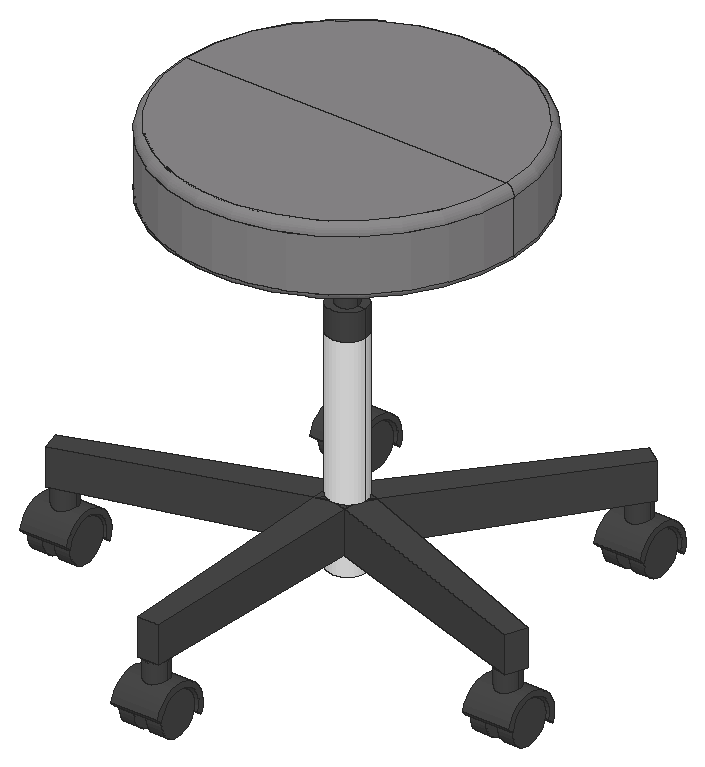
Revit family
Parameters (values of type "Value Series Stool")
  Upholstery = Upholstery - Midmark - 232 - Shadow
  URL = "http://www.midmark.com"
  Product Page URL = "http://www.midmark.com/en-us/AnimalHealthProducts/Seating/Pages/Midmark270AdjustableStool.aspx"
  Product Documentation Link = "http://www.midmark.com/marketing-collateral/007-0558-00.pdf"
  Model = "270"
  Manufacturer = "Midmark"
  Lift Height = Calculated Height - 0' 2"  # 1' - 4"
  Height = 1' - 6"
  Description = "Vale Series Stool"
  Calculated Height = if(Height < 1' 6", 1' 6", if(Height > 2' 0 1/2", 2' 0 1/2", Height))  # 1' - 6"
  Assembly Code = "E2020"
Reference planes (in)
  plane 1 "Center Front/Back": y = 0
  plane 2: z = 0
  plane 3 "Center Left/Right": x = 0
  plane 4: z = 18
  plane 5: z = 5.25
  plane 6: z = 2
  plane 7: x = -12.11968
  plane 8: x = 11.86968
  plane 9: y = 10.87905
  plane 10: y = -12.83061
  plane 11: x = -12.86968
  plane 12: x = 12.61968
  plane 13: y = -13.58061
  plane 14: y = 11.62905
  plane 15: z = 21.5
Forms (in)
  Extrusion 1, solid, material "Chair - Midmark Coarse View", detail levels coarse
    sketch origin (0, 0, 0) x (1, 0, 0) y (0, 1, 0)
      loop
        line (-12.86968, 11.62905) -> (-12.86968, -13.58061) -> (12.61968, -13.58061) -> (12.61968, 11.62905) -> (-12.86968, 11.62905)
    from 0 to 21.5
Lines and regions (in)
  Masking region 1, detail levels coarse
    outline origin (0, 0, 0) x (1, 0, 0) y (0, 1, 0)
      loop
        line (-12.86968, 11.62905) -> (-12.86968, -13.58061) -> (12.61968, -13.58061) -> (12.61968, 11.62905) -> (-12.86968, 11.62905)
  Masking region 2, detail levels coarse
    outline origin (0, 0, 0) x (1, 0, 0) y (0, 0, 1)
      loop
        line (-12.86968, 21.5) -> (-12.86968, 0) -> (12.61968, 0) -> (12.61968, 21.5) -> (-12.86968, 21.5)
  Masking region 3, detail levels coarse
    outline origin (0, 0, 0) x (0, 1, 0) y (0, 0, 1)
      loop
        line (11.62905, 21.5) -> (-13.58061, 21.5) -> (-13.58061, 0) -> (11.62905, 0) -> (11.62905, 21.5)
Dimensions and locks (in)
  "Calculated Height": plane 4 to plane 2
  locked: plane 5 to plane 2 at 5.25
  locked: plane 6 to plane 2 at 2
  plane 14 to plane 9 to plane 1 "Center Front/Back" to plane 10 to plane 13 = 0' - 0 3/4" locked, 0' - 10.87905" locked, 1' - 0.83061" locked, 0' - 0 3/4" locked
  plane 11 to plane 7 = 0' - 0 3/4"
  locked: plane 15 to plane 4 at 3.5
  plane 3 "Center Left/Right" to plane 8 to Extrusion 1 = 0' - 11.86968" locked, 0' - 0 3/4" locked
  Extrusion 1 to plane 7 to plane 3 "Center Left/Right" = 0' - 0 3/4" locked, 1' - 0.11968" locked
  plane 11 to plane 3 "Center Left/Right" to plane 12 = 1' - 0.86968" locked, 1' - 0.61968" locked
  plane 13 to plane 14 = 2' - 1.20966"
  aligned and locked: level to plane 2
  aligned and locked: plane 3 "Center Left/Right" to nested 2
  aligned and locked: plane 3 "Center Left/Right" to nested 1
  aligned and locked: plane 2 to nested 2
  aligned: plane 4 to nested 1
  aligned and locked: plane 1 "Center Front/Back" to nested 2
  aligned and locked: plane 1 "Center Front/Back" to nested 1
  aligned: plane 5 to nested 1
  aligned: nested 1 to plane 6
  aligned and locked: nested 3 to plane 4
  aligned and locked: plane 3 "Center Left/Right" to nested 3
  aligned and locked: plane 1 "Center Front/Back" to nested 3
  aligned and locked: nested 1 to plane 6
  aligned: plane 4 to nested 4
  aligned and locked: plane 3 "Center Left/Right" to nested 4
  aligned and locked: Extrusion 1 to plane 15
  aligned and locked: plane 13 to Extrusion 1 sketch curve
  aligned and locked: Extrusion 1 sketch curve to plane 11
  aligned and locked: plane 14 to Extrusion 1 sketch curve
  aligned and locked: plane 12 to Extrusion 1
  aligned and locked: plane 15 to Extrusion 1
  aligned and locked: Extrusion 1 to plane 2
  aligned and locked: plane 13 to Masking region 1 sketch curve
  aligned and locked: Masking region 1 sketch curve to plane 11
  aligned and locked: plane 14 to Masking region 1 sketch curve
  aligned and locked: Masking region 1 sketch curve to plane 12
  aligned and locked: Masking region 2 sketch curve to plane 11
  aligned and locked: Masking region 2 sketch curve to plane 12
  aligned and locked: Masking region 2 sketch curve to plane 15
  aligned and locked: plane 2 to Masking region 2 sketch curve
  aligned and locked: plane 2 to Masking region 3 sketch curve
  aligned and locked: plane 14 to Masking region 3 sketch curve
  aligned and locked: plane 13 to Masking region 3 sketch curve
  aligned and locked: Masking region 3 sketch curve to plane 15
  aligned and locked: plane 4 to nested 4
  aligned and locked: plane 1 "Center Front/Back" to nested 4
Automatic sketch dimensions
  Extrusion 1 sketch curve to plane 8 = 0' - 0 3/4"
Nested families (in)
  nested 1: "Hydralic Lift Chrome" at (0, 0, 2), type "Hydralic Lift Chrome"
  nested 2: "Feet Black" at (0, 0, 0), type "Feet Black"
  nested 3: "Round Cushion" at (0, 0, 18), type "Round Cushion"
  nested 4: "Air Lift No Lever" at (0, 0, 16.5), type "Air Lift No Lever"
Definition of nested family "Hydralic Lift Chrome"
  Parameters (values of type "Hydralic Lift Chrome")
    Top Lift Material = Chair - Midmark - Chrome
    Height = 1' - 4"
    Bottom Lift Material = Chair - Midmark - Chrome
    Assembly Code = ""
  Reference planes (in)
    plane 1 "Center Front/Back": y = 0
    plane 2: z = 0
    plane 3 "Center Left/Right": x = 0
    plane 4: x = -0.87626
    plane 5: x = 0.87374
    plane 6: z = 16
    plane 7: y = 0.87671
    plane 8: y = -0.87329
    plane 9: z = 0
    plane 10 "Caster Instalation Point": z = 3.25
    plane 11: z = 11.39696
  Forms (in)
    Revolve 1, solid, material "Chair - Midmark - Chrome" <- "Bottom Lift Material"
      sketch origin (-0.00126, 0.00171, -2) x (1, 0, 0) y (0, 0, 1)
        loop
          line (0, 2) -> (0, 12.14696) -> (-0.875, 12.14696) -> (-0.875, 2) -> (0, 2)
        axis (0, 2) -> (0, 12.14696)
      angle from 0 to 360
    Revolve 2, solid, material "Chair - Midmark - Chrome" <- "Top Lift Material"
      sketch origin (-0.00126, 0.00171, -2) x (1, 0, 0) y (0, 0, 1)
        loop
          line (-0.875, 12.14696) -> (0, 12.14696) -> (0, 18) -> (-0.5, 18) -> (-0.5, 13.39696) -> (-0.875, 13.39696) -> (-0.875, 12.14696)
        axis (0, 18) -> (0, 12.14696)
      angle from 0 to 360
  Lines and regions (in)
    Masking region 1, detail levels medium+fine
      outline origin (0, 0, 0) x (1, 0, 0) y (0, 0, 1)
        loop
          line (-0.87626, 0) -> (0.87374, 0) -> (0.87374, 11.39696) -> (0.49874, 11.39696) -> (0.49874, 16) -> (-0.50126, 16) -> (-0.50126, 11.39696) -> (-0.87626, 11.39696) -> (-0.87626, 0)
    Masking region 2, detail levels coarse
      outline origin (0, 0, 0) x (1, 0, 0) y (0, 0, 1)
        loop
          line (0.87374, 16) -> (-0.87626, 16) -> (-0.87626, 0) -> (0.87374, 0) -> (0.87374, 16)
    Masking region 3, detail levels coarse
      outline origin (0, 0, 0) x (0, 1, 0) y (0, 0, 1)
        loop
          line (0.87671, 0) -> (0.87671, 16) -> (-0.87329, 16) -> (-0.87329, 0) -> (0.87671, 0)
    Masking region 4, detail levels medium+fine
      outline origin (0, 0, 0) x (0, 1, 0) y (0, 0, 1)
        loop
          line (0.87671, 0) -> (0.87671, 11.39696) -> (0.50171, 11.39696) -> (0.50171, 16) -> (-0.49829, 16) -> (-0.49829, 11.39696) -> (-0.87329, 11.39696) -> (-0.87329, 0) -> (0.87671, 0)
    Masking region 5, detail levels coarse
      outline origin (0, 0, 0) x (1, 0, 0) y (0, 1, 0)
        loop
          line (0.87374, 0.87671) -> (-0.87626, 0.87671) -> (-0.87626, -0.87329) -> (0.87374, -0.87329) -> (0.87374, 0.87671)
    Masking region 6, detail levels medium+fine
      outline origin (0, 0, 0) x (1, 0, 0) y (0, 1, 0)
        loop
          circle (0, 0) r 0.87625
    symbolic lines, detail levels fine
      curve 1: line (0, 0.87671, 10.14696) -> (0, -0.87329, 10.14696)
      curve 2: line (-0.87626, 0, 10.14696) -> (0.87374, 0, 10.14696)
      curve 3: line (-0.50126, 0, 11.39696) -> (0.49874, 0, 11.39696)
      curve 4: line (0, 0.50171, 11.39696) -> (0, -0.49829, 11.39696)
      curve 5: circle (0, 0, 0) r 0.5 normal (0, 0, 1)
  Dimensions and locks (in)
    "Height": plane 6 to plane 9
    locked: plane 10 "Caster Instalation Point" to plane 9 at 3.25
    locked: plane 11 to plane 10 "Caster Instalation Point" at 8.14696
    aligned and locked: level to plane 2
    aligned and locked: plane 9 to level
    aligned and locked: Revolve 2 to plane 11  (x2)
  Automatic sketch dimensions
    plane 1 "Center Front/Back" to curve 5 = 0' - 0"
    curve 5 to plane 3 "Center Left/Right" = 0' - 0"
    plane 4 to curve 2 = 0' - 0"
    plane 5 to curve 2 = 0' - 0"
    curve 3 to plane 4 = 0' - 0 3/8"
    plane 5 to curve 3 = 0' - 0 3/8"
    plane 10 "Caster Instalation Point" to curve 2 = 0' - 6.89696"
    curve 2 to curve 3 = 0' - 1 1/4"
    curve 1 to plane 8 = 0' - 0"
    curve 1 to plane 7 = 0' - 0"
    plane 8 to curve 4 = 0' - 0 3/8"
    curve 4 to plane 7 = 0' - 0 3/8"
    plane 10 "Caster Instalation Point" to curve 1 = 0' - 6.89696"
    curve 1 to curve 4 = 0' - 1 1/4"
    Revolve 1 sketch curve to level = 0' - 0"  (x2)
    plane 4 to Revolve 1 sketch curve = 0' - 0"
    Revolve 1 sketch curve to plane 3 "Center Left/Right" = 0' - 0.00126"
    Revolve 1 sketch curve to Revolve 1 sketch curve = 0' - 0"
    plane 10 "Caster Instalation Point" to Revolve 1 sketch curve = 0' - 6 3/4"
    Revolve 1 sketch curve to Revolve 1 sketch curve = 0' - 0.14696"
    plane 4 to Revolve 2 sketch curve = 0' - 0"
    Revolve 2 sketch curve to plane 6 = 0' - 0"  (x2)
    Revolve 2 sketch curve to plane 4 = 0' - 0 3/8"
    Revolve 2 sketch curve to plane 3 "Center Left/Right" = 0' - 0.00126"
    Revolve 2 sketch curve to Revolve 2 sketch curve = 0' - 0"
    plane 10 "Caster Instalation Point" to Revolve 2 sketch curve = 0' - 8.14696"
    Revolve 2 sketch curve to Revolve 2 sketch curve = 0' - 1 1/4"
    Revolve 2 sketch curve to Revolve 2 sketch curve = 0' - 0.89696"
    Masking region 1 sketch curve to level = 0' - 0"
    plane 4 to Masking region 1 sketch curve = 0' - 0"
    Masking region 1 sketch curve to plane 6 = 0' - 0"
    plane 5 to Masking region 1 sketch curve = 0' - 0"
    Masking region 1 sketch curve to plane 4 = 0' - 0 3/8"
    plane 5 to Masking region 1 sketch curve = 0' - 0 3/8"
    plane 10 "Caster Instalation Point" to Masking region 1 sketch curve = 0' - 8.14696"
    Masking region 1 sketch curve to Masking region 1 sketch curve = 0' - 0"
    plane 4 to Masking region 2 sketch curve = 0' - 0"
    Masking region 2 sketch curve to level = 0' - 0"
    plane 5 to Masking region 2 sketch curve = 0' - 0"
    Masking region 2 sketch curve to plane 6 = 0' - 0"
    Masking region 3 sketch curve to plane 6 = 0' - 0"
    Masking region 3 sketch curve to plane 8 = 0' - 0"
    Masking region 3 sketch curve to plane 7 = 0' - 0"
    Masking region 3 sketch curve to level = 0' - 0"
    Masking region 4 sketch curve to level = 0' - 0"
    Masking region 4 sketch curve to plane 8 = 0' - 0"
    Masking region 4 sketch curve to plane 6 = 0' - 0"
    Masking region 4 sketch curve to plane 7 = 0' - 0"
    plane 8 to Masking region 4 sketch curve = 0' - 0 3/8"
    Masking region 4 sketch curve to plane 7 = 0' - 0 3/8"
    plane 10 "Caster Instalation Point" to Masking region 4 sketch curve = 0' - 8.14696"
    Masking region 4 sketch curve to Masking region 4 sketch curve = 0' - 0"
    Masking region 5 sketch curve to plane 4 = 0' - 0"
    Masking region 5 sketch curve to plane 5 = 0' - 0"
    Masking region 5 sketch curve to plane 8 = 0' - 0"
    Masking region 5 sketch curve to plane 7 = 0' - 0"
    plane 1 "Center Front/Back" to Masking region 6 sketch curve = 0' - 0"
    Masking region 6 sketch curve to plane 3 "Center Left/Right" = 0' - 0"
    radius of curve 5 = 0' - 0 1/2"
    radius of Masking region 6 sketch curve = 0' - 0.87625"
Definition of nested family "Feet Black"
  Parameters (values of type "Feet Black")
    Feet Material = Chair - Midmark - Black Plastic
    Assembly Code = ""
  Reference planes (in)
    plane 1 "Center Front/Back": y = 0
    plane 2: z = 0
    plane 3 "Center Left/Right": x = 0
    plane 4: z = 3.14669
    plane 5: x = -12.11968
    plane 6: x = 11.86968
    plane 7: z = 5.14669
    plane 8: y = 10.87905
    plane 9: y = -12.83061
    plane 10: z = 0
    plane 11 "Left": x = -12.6741
    plane 12 "Front": y = -13.53243
    plane 13 "Back": y = 11.53243
    plane 14 "Right": x = 12.4241
  Forms (in)
    Blend 1, solid, material "Chair - Midmark - Black Plastic" <- "Feet Material"
      base sketch origin (-0.02, 0.01151, 2.71936) x (0.999996, 0.002747, 0) y (0, 0, 1)
        loop
          line (0.71241, 2.42733) -> (-0.78759, 2.42733) -> (-0.78759, 0.42733) -> (0.71241, 0.42733) -> (0.71241, 2.42733)
      top sketch origin (-0.02, 0.01151, 2.71936) x (0.999996, 0.002747, 0) y (0, 0, 1)
        loop
          line (-0.50634, 0.42733) -> (0.49366, 0.42733) -> (0.49366, 2.17733) -> (-0.50634, 2.17733) -> (-0.50634, 0.42733)
      from 0 to 12
    Blend 2, solid, material "Chair - Midmark - Black Plastic" <- "Feet Material"
      base sketch origin (0.00505, 0.01375, 2.71936) x (0.331216, 0.943555, 0) y (0, 0, 1)
        loop
          line (0.71241, 2.42733) -> (-0.78759, 2.42733) -> (-0.78759, 0.42733) -> (0.71241, 0.42733) -> (0.71241, 2.42733)
      top sketch origin (0.00505, 0.01375, 2.71936) x (0.331216, 0.943555, 0) y (0, 0, 1)
        loop
          line (-0.50634, 0.42733) -> (0.49366, 0.42733) -> (0.49366, 2.17733) -> (-0.50634, 2.17733) -> (-0.50634, 0.42733)
      from 0 to 12
    Blend 3, solid, material "Chair - Midmark - Black Plastic" <- "Feet Material"
      base sketch origin (-0.00087, -0.04805, 2.71936) x (0.286648, -0.958036, 0) y (0, 0, 1)
        loop
          line (0.71241, 2.42733) -> (-0.78759, 2.42733) -> (-0.78759, 0.42733) -> (0.71241, 0.42733) -> (0.71241, 2.42733)
      top sketch origin (-0.00087, -0.04805, 2.71936) x (0.286648, -0.958036, 0) y (0, 0, 1)
        loop
          line (-0.50634, 0.42733) -> (0.49366, 0.42733) -> (0.49366, 2.17733) -> (-0.50634, 2.17733) -> (-0.50634, 0.42733)
      from 0 to 12
    Blend 4, solid, material "Chair - Midmark - Black Plastic" <- "Feet Material"
      base sketch origin (0.03408, -0.0149, 2.71936) x (0.822567, -0.568668, 0) y (0, 0, -1)
        loop
          line (0.71241, -2.42733) -> (0.71241, -0.42733) -> (-0.78759, -0.42733) -> (-0.78759, -2.42733) -> (0.71241, -2.42733)
      top sketch origin (0.03408, -0.0149, 2.71936) x (0.822567, -0.568668, 0) y (0, 0, -1)
        loop
          line (-0.50634, -0.42733) -> (-0.50634, -2.17733) -> (0.49366, -2.17733) -> (0.49366, -0.42733) -> (-0.50634, -0.42733)
      from 0 to 12
    Blend 5, solid, material "Chair - Midmark - Black Plastic" <- "Feet Material"
      base sketch origin (0.02615, 0.03051, 2.71936) x (0.795022, 0.60658, 0) y (0, 0, -1)
        loop
          line (0.71241, -2.42733) -> (0.71241, -0.42733) -> (-0.78759, -0.42733) -> (-0.78759, -2.42733) -> (0.71241, -2.42733)
      top sketch origin (0.02615, 0.03051, 2.71936) x (0.795022, 0.60658, 0) y (0, 0, -1)
        loop
          line (-0.50634, -0.42733) -> (-0.50634, -2.17733) -> (0.49366, -2.17733) -> (0.49366, -0.42733) -> (-0.50634, -0.42733)
      from 0 to 12
  Lines and regions (in)
    Masking region 1, detail levels coarse
      outline origin (0, -13.53243, 0) x (-1, 0, 0) y (0, 0, 1)
        loop
          line (12.11968, 5.14669) -> (-11.86968, 5.14669) -> (-11.86968, 0) -> (12.11968, 0) -> (12.11968, 5.14669)
    Masking region 2, detail levels coarse
      outline origin (-12.6741, 0, 0) x (0, 1, 0) y (0, 0, 1)
        loop
          line (10.87905, 5.14669) -> (-12.83061, 5.14669) -> (-12.83061, 0) -> (10.87905, 0) -> (10.87905, 5.14669)
    Masking region 3, detail levels coarse
      outline origin (0, 0, 0) x (1, 0, 0) y (0, 1, 0)
        loop
          line (-12.11968, 10.87905) -> (-12.11968, -12.83061) -> (11.86968, -12.83061) -> (11.86968, 10.87905) -> (-12.11968, 10.87905)
    Masking region 4, detail levels medium+fine
      outline origin (0, 0, 0) x (1, 0, 0) y (0, 0, 1)
        loop
          line (-11.29362, 0) -> (-11.29362, 0.4641) -> (-10.70638, 0.4641) -> (-10.70638, 0) -> (-9.98951, 0) -> (-9.98951, 0.4641) -> (-9.88032, 0.4641) -> (-9.88032, 2.35385) -> (-10.44, 2.35385) -> (-10.44, 3.14669) -> (-7.55329, 3.14669) -> (-7.55329, 2.35385) -> (-8.11968, 2.35385) -> (-8.11968, 0.4641) -> (-8.01049, 0.4641) -> (-8.01049, 0) -> (-7.29362, 0) -> (-7.29362, 0.4641) -> (-6.70638, 0.4641) -> (-6.70638, 0) -> (-5.98951, 0) -> (-5.98951, 0.4641) -> (-5.88032, 0.4641) -> (-5.88032, 2.35385) -> (-6.44, 2.35385) -> (-6.44, 3.14669) -> (-0.55329, 3.14669) -> (-0.55329, 2.35385) -> (-1.11968, 2.35385) -> (-1.11968, 0.4641) -> (-1.01049, 0.4641) -> (-1.01049, 0) -> (-0.29362, 0) -> (-0.29362, 0.4641) -> (0.29362, 0.4641) -> (0.29362, 0) -> (1.01049, 0) -> (1.01049, 0.4641) -> (1.11968, 0.4641) -> (1.11968, 2.35385) -> (0.56, 2.35385) -> (0.56, 3.14669) -> (5.93762, 3.14669) -> (5.93762, 2.35385) -> (5.38032, 2.35385) -> (5.38032, 0.4641) -> (5.48951, 0.4641) -> (5.48951, 0) -> (6.20638, 0) -> (6.20638, 0.4641) -> (6.79362, 0.4641) -> (6.79362, 0) -> (7.51049, 0) -> (7.51049, 0.4641) -> (7.61968, 0.4641) -> (7.61968, 2.35385) -> (7.06, 2.35385) -> (7.06, 3.14669) -> (10.19671, 3.14669) -> (10.19671, 2.35385) -> (9.63032, 2.35385) -> (9.63032, 0.4641) -> (9.73951, 0.4641) -> (9.73951, 0) -> (10.45638, 0) -> (10.45638, 0.4641) -> (11.04362, 0.4641) -> (11.04362, 0) -> (11.76049, 0) -> (11.76049, 0.4641) -> (11.86968, 0.4641) -> (11.86968, 2.35385) -> (11.31, 2.35385) -> (11.31, 3.14669) -> (11.49121, 3.14669) -> (11.49121, 4.89669) -> (0.68577, 5.13681) -> (-0.76806, 5.13681) -> (-11.64244, 4.89669) -> (-11.64244, 3.14669) -> (-11.55329, 3.14669) -> (-11.55329, 2.35385) -> (-12.11968, 2.35385) -> (-12.11968, 0.4641) -> (-12.01049, 0.4641) -> (-12.01049, 0) -> (-11.29362, 0)
    Masking region 5, detail levels medium+fine
      outline origin (0, 0, 0) x (0, 1, 0) y (0, 0, 1)
        loop
          arc (10.78122, 0.4641) -> (10.77146, 1.50846) -> (10.03266, 2.24667) r 1.37951
          line (10.03266, 2.24667) -> (10.03266, 3.14669) -> (10.14385, 3.14669) -> (10.14839, 4.87753) -> (-0.00333, 5.13888) -> (-12.08812, 4.88709) -> (-12.08812, 2.21814)
          arc (-12.08812, 2.21814) -> (-12.56152, 1.84498) -> (-12.83061, 1.30559) r 1.37951
          line (-12.83061, 1.30559) -> (-12.4904, 0.96538)
          arc (-12.4904, 0.96538) -> (-11.58868, 0.00478) -> (-10.5174, 0.77172) r 1
          line (-10.5174, 0.77172) -> (-10.20978, 0.4641)
          arc (-10.20978, 0.4641) -> (-10.22081, 1.51145) -> (-10.96434, 2.24917) r 1.37951
          line (-10.96434, 2.24917) -> (-10.96434, 3.14669) -> (-4.33492, 3.14669) -> (-4.33492, 2.22392)
          arc (-4.33492, 2.22392) -> (-4.81625, 1.85021) -> (-5.08961, 1.30559) r 1.37951
          line (-5.08961, 1.30559) -> (-4.74804, 0.96402)
          arc (-4.74804, 0.96402) -> (-4.35165, 0.20158) -> (-3.50881, 0.03407) r 0.99276
          arc (-3.50881, 0.03407) -> (-2.73642, 0.14196) -> (-2.2764, 0.77172) r 1
          line (-2.2764, 0.77172) -> (-1.96878, 0.4641)
          arc (-1.96878, 0.4641) -> (-1.97757, 1.50613) -> (-2.71269, 2.24471) r 1.37951
          line (-2.71269, 2.24471) -> (-2.71269, 3.14669) -> (8.6558, 3.14669) -> (8.6558, 2.21954)
          arc (8.6558, 2.21954) -> (8.1805, 1.84624) -> (7.91039, 1.30559) r 1.37951
          line (7.91039, 1.30559) -> (8.25, 1)
          arc (8.25, 1) -> (8.63833, 0.20254) -> (9.50189, 0) r 1.03326
          arc (9.50189, 0) -> (10.04186, 0.15959) -> (10.40777, 0.58755) r 0.99117
          line (10.40777, 0.58755) -> (10.53122, 0.4641)
          arc (10.53122, 0.4641) -> (10.55798, 0.56372) -> (10.58105, 0.66427) r 2.79724
          line (10.58105, 0.66427) -> (10.78122, 0.4641)
    Masking region 6, detail levels medium+fine
      outline origin (0, 0, 0) x (1, 0, 0) y (0, 1, 0)
        loop
          line (1.11968, -12.83061) -> (1.11968, -10.11952) -> (0.56, -10.11952) -> (0.67622, -1.03222) -> (9.63032, -3.94159) -> (9.63032, -5.08961) -> (11.86968, -5.08961) -> (11.88032, -2.38179) -> (9.63032, -2.38179) -> (9.64126, -2.80754) -> (1.13452, 0.35388) -> (6.32371, 8.16039) -> (7.61968, 8.16039) -> (7.61968, 10.86821) -> (5.38032, 10.86821) -> (5.38887, 8.73511) -> (-0.01517, 1.22973) -> (-5.86968, 8.61974) -> (-5.86968, 10.62905) -> (-8.11968, 10.62905) -> (-8.11968, 7.91039) -> (-6.67216, 7.91039) -> (-1.20683, 0.388) -> (-9.88032, -2.43019) -> (-9.88032, -1.87095) -> (-12.11968, -1.87095) -> (-12.11968, -4.58961) -> (-9.88032, -4.58961) -> (-9.88032, -3.54845) -> (-0.78101, -1.00564) -> (-0.54255, -10.11195) -> (-1.11968, -10.11195) -> (-1.11968, -12.83061) -> (1.11968, -12.83061)
    symbolic lines, detail levels fine
      curve 1: line (11.16, 0, 3.14669) -> (11.16, 0, 4.89669)
      curve 2: line (-11.35579, 0, 3.14669) -> (-11.35579, 0, 4.89669)
      curve 3: line (-12.11968, 0, 1.09001) -> (-9.88032, 0, 1.09001)
      curve 4: line (-12.11968, 0, 1.30559) -> (-9.88032, 0, 1.30559)
      curve 5: line (-10.70638, 0, 1.09001) -> (-10.70206, 0, 0.45757)
      curve 6: line (-11.29362, 0, 1.09001) -> (-11.29362, 0, 0.4641)
      curve 7: line (-12.11968, 0, 0.66069) -> (-12.01049, 0, 0.66069)
      curve 8: line (-11.29362, 0, 0.66069) -> (-10.70345, 0, 0.66069)
      curve 9: line (-9.98951, 0, 0.66069) -> (-9.88032, 0, 0.66069)
      curve 10: line (-8.11968, 0, 1.09001) -> (-5.88032, 0, 1.09001)
      curve 11: line (-8.11968, 0, 1.30559) -> (-5.88032, 0, 1.30559)
      curve 12: line (-6.70638, 0, 1.09001) -> (-6.70206, 0, 0.45757)
      curve 13: line (-7.29362, 0, 1.09001) -> (-7.29362, 0, 0.4641)
      curve 14: line (-8.11968, 0, 0.66069) -> (-8.01049, 0, 0.66069)
      curve 15: line (-7.29362, 0, 0.66069) -> (-6.70345, 0, 0.66069)
      curve 16: line (-5.98951, 0, 0.66069) -> (-5.88032, 0, 0.66069)
      curve 17: line (-1.11968, 0, 1.09001) -> (1.11968, 0, 1.09001)
      curve 18: line (-1.11968, 0, 1.30559) -> (1.11968, 0, 1.30559)
      curve 19: line (0.29362, 0, 1.09001) -> (0.29794, 0, 0.45757)
      curve 20: line (-0.29362, 0, 1.09001) -> (-0.29362, 0, 0.4641)
      curve 21: line (-1.11968, 0, 0.66069) -> (-1.01049, 0, 0.66069)
      curve 22: line (-0.29362, 0, 0.66069) -> (0.29655, 0, 0.66069)
      curve 23: line (1.01049, 0, 0.66069) -> (1.11968, 0, 0.66069)
      curve 24: line (5.38032, 0, 1.09001) -> (7.61968, 0, 1.09001)
      curve 25: line (5.38032, 0, 1.30559) -> (7.61968, 0, 1.30559)
      curve 26: line (6.79362, 0, 1.09001) -> (6.79794, 0, 0.45757)
      curve 27: line (6.20638, 0, 1.09001) -> (6.20638, 0, 0.4641)
      curve 28: line (5.38032, 0, 0.66069) -> (5.48951, 0, 0.66069)
      curve 29: line (6.20638, 0, 0.66069) -> (6.79655, 0, 0.66069)
      curve 30: line (7.51049, 0, 0.66069) -> (7.61968, 0, 0.66069)
      curve 31: line (9.63032, 0, 1.09001) -> (11.86968, 0, 1.09001)
      curve 32: line (9.63032, 0, 1.30559) -> (11.86968, 0, 1.30559)
      curve 33: line (11.04362, 0, 1.09001) -> (11.04794, 0, 0.45757)
      curve 34: line (10.45638, 0, 1.09001) -> (10.45638, 0, 0.4641)
      curve 35: line (9.63032, 0, 0.66069) -> (9.73951, 0, 0.66069)
      curve 36: line (10.45638, 0, 0.66069) -> (11.04655, 0, 0.66069)
      curve 37: line (11.76049, 0, 0.66069) -> (11.86968, 0, 0.66069)
      curve 55: line (-0.49337, -11.98984, 0) -> (0.50663, -11.98984, 0)
      curve 56: line (0.50663, -11.98984, 0) -> (0.53568, -10.11316, 0)
      curve 57: line (-0.54251, -10.11347, 0) -> (-0.49337, -11.98984, 0)
      curve 58: line (9.63032, -3.94159, 0) -> (11.16, -4.43861, 0)
      curve 59: line (11.16, -4.43861, 0) -> (11.49121, -3.49506, 0)
      curve 60: line (11.49121, -3.49506, 0) -> (9.61649, -2.79834, 0)
      curve 61: line (5.38032, 8.68314, 0) -> (6.44159, 10.14385, 0)
      curve 62: line (6.44159, 10.14385, 0) -> (7.27439, 9.59027, 0)
      curve 63: line (7.27439, 9.59027, 0) -> (6.32915, 8.16857, 0)
      curve 64: line (-6.67216, 7.91039, 0) -> (-7.65536, 9.26364, 0)
      curve 65: line (-7.65536, 9.26364, 0) -> (-6.87152, 9.88461, 0)
      curve 66: line (-6.87152, 9.88461, 0) -> (-5.89303, 8.64949, 0)
      curve 67: line (-9.88032, -3.54845, 0) -> (-11.31738, -3.97842, 0)
      curve 68: line (-11.31738, -3.97842, 0) -> (-11.62639, -3.02737, 0)
      curve 69: line (-11.62639, -3.02737, 0) -> (-9.88032, -2.46003, 0)
      curve 70: line (0, 9.78318, 2.24646) -> (0, 9.78318, 3.14669)
      curve 71: line (0, 9.78318, 3.14669) -> (0, 9.87022, 3.14669)
      curve 72: line (0, 9.87022, 3.14669) -> (0, 9.87022, 4.89669)
      curve 73: line (0, 9.26364, 3.14669) -> (0, 9.26364, 4.89669)
      curve 74: line (0, -3.00274, 3.14669) -> (0, -3.00274, 4.89669)
      curve 75: line (0, -3.00274, 4.89669) -> (0, 0.48934, 5.13206)
      curve 76: line (0, -3.00274, 4.89669) -> (0, -3.96077, 4.89669)
      curve 77: line (0, -3.96077, 4.89669) -> (0, -0.73852, 5.14608)
      curve 78: line (0, -3.96077, 4.89669) -> (0, -3.96077, 3.14669)
      curve 79: line (0, -10.96434, 2.24917) -> (0, -10.96434, 3.14669)
      curve 80: line (0, -11.98709, 3.14669) -> (0, 10.03266, 3.14669)
      curve 81: arc (0, -11.491, 0) -> (0, -10.78389, 1.70711) -> (0, -12.491, 1) r 1
      curve 82: arc (0, -12.61503, 1.09001) -> (0, -11.27594, 2.0831) -> (0, -10.40637, 0.66069) r 1.12951
      curve 83: arc (0, -12.07696, 2.22344) -> (0, -10.54543, 1.97837) -> (0, -10.20978, 0.4641) r 1.37951
      curve 84: line (0, -4.33492, 3.14669) -> (0, -4.33492, 2.22392)
      curve 85: line (0, -3.83887, 3.14669) -> (0, -3.83887, 2.22207)
      curve 86: line (0, -2.71269, 3.14669) -> (0, -2.71269, 2.24471)
      curve 87: circle (0, -3.25, 1.00671) r 0.99975 normal (1, 0, 0)
      curve 88: line (0, -1.96878, 0.4641) -> (0, -2.16537, 0.66069)
      curve 89: line (0, -4.37403, 1.09001) -> (0, -4.58961, 1.30559)
      curve 90: line (0, -4.87403, 1.09001) -> (0, -5.08961, 1.30559)
      curve 91: arc (0, -5.08961, 1.30559) -> (0, -4.63517, 2.0328) -> (0, -3.83887, 2.35102) r 1.37951
      curve 92: arc (0, -4.87403, 1.09001) -> (0, -4.64461, 1.66541) -> (0, -4.1418, 2.02722) r 1.10602
      curve 93: arc (0, -4.58961, 1.30559) -> (0, -2.82873, 2.28781) -> (0, -1.96878, 0.4641) r 1.37951
      curve 94: arc (0, -4.37403, 1.09001) -> (0, -3.03494, 2.0831) -> (0, -2.16537, 0.66069) r 1.12951
      curve 95: arc (0, 7.91039, 1.30559) -> (0, 9.58079, 2.31349) -> (0, 10.58869, 0.64309) r 1.37951
      curve 96: arc (0, 10.03807, 2.24439) -> (0, 9.91135, 2.28574) -> (0, 9.78318, 2.32232) r 3.56322
      curve 97: arc (0, 8.25, 1) -> (0, 9.25, 2) -> (0, 10.25, 1) r 1
      curve 98: arc (0, 8.25, 1) -> (0, 9.25, 0) -> (0, 10.25, 1) r 1
      curve 99: line (0, 8.6558, 2.21954) -> (0, 8.6558, 3.14669)
      curve 100: arc (0, -4.37789, 1.76929) -> (0, -4.64034, 0.54492) -> (0, -3.49554, 0.03758) r 0.99276
      curve 101: arc (0, 10.33463, 0.66069) -> (0, 9.46506, 2.0831) -> (0, 8.12597, 1.09001) r 1.12951
      curve 102: line (0, 10.53122, 0.4641) -> (0, 10.33463, 0.66069)
      curve 103: line (0, 8.12597, 1.09001) -> (0, 7.91039, 1.30559)
      curve 104: line (0, -10.40637, 0.66069) -> (0, -10.20978, 0.4641)
      curve 105: line (-11.55329, 0, 3.14669) -> (-10.44, 0, 3.14669)
      curve 106: line (-7.55329, 0, 3.14669) -> (-6.44, 0, 3.14669)
      curve 107: line (-0.55329, 0, 3.14669) -> (0.56, 0, 3.14669)
      curve 108: line (5.93762, 0, 3.14669) -> (7.06, 0, 3.14669)
      curve 109: line (10.19671, 0, 3.14669) -> (11.31, 0, 3.14669)
    symbolic lines, style "Furniture", detail levels fine
      curve 38: line (-11.55329, 0, 2.35385) -> (-10.44, 0, 2.35385)
      curve 39: line (-7.55329, 0, 2.35385) -> (-6.44, 0, 2.35385)
      curve 40: line (-0.55329, 0, 2.35385) -> (0.56, 0, 2.35385)
      curve 41: line (5.93762, 0, 2.35385) -> (7.06, 0, 2.35385)
      curve 42: line (11.16, 0, 3.14669) -> (11.16, 0, 4.89669)
      curve 43: line (7.26416, 0, 3.14669) -> (7.26416, 0, 4.89669)
      curve 44: line (7.26416, 0, 4.89669) -> (0.62008, 0, 5.14669)
      curve 45: line (6.44159, 0, 3.14669) -> (6.44159, 0, 4.89669)
      curve 46: line (6.44159, 0, 4.89669) -> (-0.20312, 0, 5.13214)
      curve 47: line (-7.67041, 0, 3.14669) -> (-7.67041, 0, 4.89669)
      curve 48: line (-7.67041, 0, 4.89669) -> (-1.02633, 0, 5.14669)
      curve 49: line (-6.84784, 0, 3.14669) -> (-6.84784, 0, 4.89669)
      curve 50: line (-6.84784, 0, 4.89669) -> (-0.20312, 0, 5.13214)
      curve 51: line (-7.55329, 0, 2.35385) -> (-6.44, 0, 2.35385)
      curve 52: line (-0.55329, 0, 2.35385) -> (0.56, 0, 2.35385)
      curve 53: line (5.94671, 0, 2.35385) -> (7.06, 0, 2.35385)
      curve 54: line (10.19671, 0, 2.35385) -> (11.31, 0, 2.35385)
  Dimensions and locks (in)
    aligned and locked: level to plane 2
  Nested families (in)
    nested 1: "Casters Black" at (0, -11.491, 0), type "Casters Black"
    nested 2: "Casters Black" at (-11, -3.25, 0), type "Casters Black"
    nested 3: "Casters Black" at (-7, 9.25, 0), type "Casters Black"
    nested 4: "Casters Black" at (6.5, 9.5, 0), type "Casters Black"
    nested 5: "Casters Black" at (10.75, -3.75, 0), type "Casters Black"
  Definition of nested family "Casters Black"
    Parameters (values of type "Casters Black")
      Assembly Code = ""
    Reference planes (in)
      plane 1 "Center Front/Back": y = 0
      plane 2: z = 0
      plane 3 "Center Left/Right": x = 0
      plane 4: z = 3.14669
      plane 5: x = 1.11968
      plane 6: x = -1.11968
    Forms (in)
      Extrusion 1, solid, material "Chair - Midmark - Black Plastic"
        sketch origin (-0.01049, 0, -0.76917) x (0, -1, 0) y (0, 0, 1)
          loop
            circle (0, 1.76917) r 1
        from 0.28313 to 1
      Extrusion 2, solid, material "Chair - Midmark - Black Plastic"
        sketch origin (-0.01049, 0, -0.76917) x (0, -1, 0) y (0, 0, 1)
          loop
            arc (-1.08463, 1.42986) -> (-0.21506, 2.85227) -> (1.12403, 1.85918) r 1.12951
            line (1.12403, 1.85918) -> (1.33961, 2.07476)
            arc (1.33961, 2.07476) -> (-0.42127, 3.05698) -> (-1.28122, 1.23327) r 1.37951
            line (-1.28122, 1.23327) -> (-1.08463, 1.42986)
        from -1.13017 to 1.10918
      Extrusion 3, solid, material "Chair - Midmark - Black Plastic"
        sketch origin (0, 0.42399, -0.76917) x (1, 0, 0) y (0, 1, 0)
          loop
            circle (0, -0.45133) r 0.56
        from 2.89024 to 3.91587
      Extrusion 4, solid, material "Chair - Midmark - Black Plastic"
        sketch origin (0.01049, 0, -0.76917) x (0, -1, 0) y (0, 0, -1)
          loop
            circle (0, -1.76917) r 1
        from 0.28313 to 1
    Dimensions and locks (in)
      aligned and locked: level to plane 2
Definition of nested family "Round Cushion"
  Parameters (values of type "Round Cushion")
    Upholstery = Upholstery - Midmark - 216 - Pebble Grey
    Assembly Code = ""
  Reference planes (in)
    plane 1 "Center Front/Back": y = 0
    plane 2: z = 0
    plane 3 "Center Left/Right": x = 0
    plane 4: x = -8.09717
    plane 5: z = 3.25
    plane 6: x = 8.09293
    plane 7: y = 8.05646
    plane 8: y = -8.11896
    plane 9: z = 0
  Forms (in)
    Revolve 1, solid, material "Upholstery - Midmark - 216 - Pebble Grey" <- "Upholstery"
      sketch origin (-0.00688, -0.01945, -23) x (1, 0, 0) y (0, 0, 1)
        loop
          arc (-8.071, 23.25) -> (-7.99777, 23.07322) -> (-7.821, 23) r 0.25
          line (-7.821, 23) -> (0, 23) -> (0, 26.25) -> (-7.72089, 26.25)
          arc (-7.72089, 26.25) -> (-7.97477, 26.05519) -> (-8.071, 25.75) r 0.53209
          line (-8.071, 25.75) -> (-8.071, 23.25)
        axis (0, 26.25) -> (0, 23)
      angle from 0 to 360
  Lines and regions (in)
    Masking region 1, detail levels medium+fine
      outline origin (0, 0, 0) x (1, 0, 0) y (0, 0, 1)
        loop
          arc (-8.09717, 0.2242) -> (-8.03151, 0.06567) -> (-7.87297, 0) r 0.2242
          line (-7.87297, 0) -> (0, 0) -> (7.86873, 0)
          arc (7.86873, 0) -> (8.02726, 0.06567) -> (8.09293, 0.2242) r 0.2242
          line (8.09293, 0.2242) -> (8.09293, 2.7242)
          arc (8.09293, 2.7242) -> (7.99158, 3.04528) -> (7.72427, 3.25) r 0.55928
          line (7.72427, 3.25) -> (-0.00688, 3.25) -> (-7.72852, 3.25)
          arc (-7.72852, 3.25) -> (-7.99583, 3.04528) -> (-8.09717, 2.7242) r 0.55928
          line (-8.09717, 2.7242) -> (-8.09717, 0.2242)
    Masking region 2, detail levels coarse
      outline origin (-0.03199, 0, 0) x (1, 0, 0) y (0, 0, 1)
        loop
          line (-8.06518, 0) -> (8.12492, 0) -> (8.12492, 3.25) -> (-8.06518, 3.25) -> (-8.06518, 0)
    Masking region 3, detail levels coarse
      outline origin (0, 0, 0) x (0, 1, 0) y (0, 0, 1)
        loop
          line (8.05646, 3.25) -> (-8.10527, 3.25) -> (-8.10527, 0) -> (8.05646, 0) -> (8.05646, 3.25)
    Masking region 4, detail levels medium+fine
      outline origin (0, 0, 0) x (0, 1, 0) y (0, 0, 1)
        loop
          line (7.70581, 3.25) -> (-7.73706, 3.25)
          arc (-7.73706, 3.25) -> (-7.99996, 3.11227) -> (-8.10527, 2.83479) r 0.41821
          line (-8.10527, 2.83479) -> (-8.10527, 0.22108)
          arc (-8.10527, 0.22108) -> (-8.03423, 0.05843) -> (-7.86663, 0) r 0.22173
          line (-7.86663, 0) -> (7.83538, 0)
          arc (7.83538, 0) -> (7.9917, 0.06475) -> (8.05646, 0.22108) r 0.22108
          line (8.05646, 0.22108) -> (8.05646, 2.83212)
          arc (8.05646, 2.83212) -> (7.93976, 3.09025) -> (7.70581, 3.25) r 0.52432
    Masking region 5, detail levels coarse
      outline origin (0, 0, 0) x (1, 0, 0) y (0, 1, 0)
        loop
          line (8, -8.09302) -> (8, 8) -> (-8, 8) -> (-8, -8.09302) -> (8, -8.09302)
    Masking region 6, detail levels medium+fine
      outline origin (0, 0, 0) x (1, 0, 0) y (0, 1, 0)
        loop
          circle (0, 0) r 8
    symbolic lines, detail levels fine
      curve 1: circle (0, 0, 0) r 7.72775 normal (0, 0, 1)
  Dimensions and locks (in)
    aligned and locked: level to plane 2
Definition of nested family "Air Lift No Lever"
  Parameters (values of type "Air Lift No Lever")
    Seat Connector Material = Chair - Midmark - Black Plastic
    Lever Tip Material = Chair - Midmark - Black Plastic
    Lever Material = Chair - Midmark - Chrome
    Assembly Code = ""
  Reference planes (in)
    plane 1 "Center Front/Back": y = 0
    plane 2: z = 0
    plane 3 "Center Left/Right": x = 0
    plane 4 "Back": y = 3
    plane 5 "Front": y = -3
    plane 6 "Front1": y = -3.75
    plane 7 "Back1": y = 3.75
    plane 8 "Left": x = -2.25
    plane 9 "Right": x = 2.25
  Forms (in)
    Extrusion 1, solid, material "Chair - Midmark - Black Plastic" <- "Seat Connector Material"
      sketch origin (-2.1875, 0, 0) x (1, 0, 0) y (0, 0, 1)
        loop
          line (0.1875, 1.25) -> (0.36065, 1.25)
          arc (0.36065, 1.25) -> (0.49776, 0.56215) -> (0.91719, 0) r 1.59184
          line (0.91719, 0) -> (2.1875, 0) -> (3.45781, 0)
          arc (3.45781, 0) -> (3.87724, 0.56215) -> (4.01435, 1.25) r 1.59184
          line (4.01435, 1.25) -> (4.1875, 1.25) -> (4.1875, 1.5) -> (3.73306, 1.5)
          arc (3.73306, 1.5) -> (3.70908, 0.82675) -> (3.36093, 0.25) r 1.34184
          line (3.36093, 0.25) -> (2.1875, 0.25) -> (1.01407, 0.25)
          arc (1.01407, 0.25) -> (0.66592, 0.82675) -> (0.64194, 1.5) r 1.34184
          line (0.64194, 1.5) -> (0.1875, 1.5) -> (0.1875, 1.25)
      from -3 to 3
  Lines and regions (in)
    Masking region 1
      outline origin (2.1875, 0, 0) x (1, 0, 0) y (0, 1, 0)
        loop
          line (-0.1875, -3) -> (-0.1875, 3) -> (-4.1875, 3) -> (-4.1875, -3) -> (-0.1875, -3)
    Masking region 2, detail levels coarse
      outline origin (0, -3.75, 0) x (-1, 0, 0) y (0, 0, 1)
        loop
          line (-2, 1.5) -> (-2, -0.37896) -> (2, -0.37896) -> (2, 1.5) -> (-2, 1.5)
    Masking region 3, detail levels coarse
      outline origin (0, 3.75, 0) x (-1, 0, 0) y (0, 0, 1)
        loop
          line (-2, 1.5) -> (-2, -0.37896) -> (2, -0.37896) -> (2, 1.5) -> (-2, 1.5)
    Masking region 4, detail levels coarse
      outline origin (-2.25, 0, 0) x (0, -1, 0) y (0, 0, 1)
        loop
          line (-3, -0.38413) -> (3, -0.38413) -> (3, 1.5) -> (-3, 1.5) -> (-3, -0.38413)
    Masking region 5, detail levels coarse
      outline origin (2.25, 0, 0) x (0, 1, 0) y (0, 0, 1)
        loop
          line (-3, 1.5) -> (-3, -0.38413) -> (3, -0.38413) -> (3, 1.5) -> (-3, 1.5)
  Dimensions and locks (in)
    equal spacing: plane 4 "Back", plane 1 "Center Front/Back", plane 5 "Front"
    aligned and locked: level to plane 2
    aligned and locked: Extrusion 1 to plane 5 "Front"
    aligned and locked: plane 4 "Back" to Extrusion 1
  Automatic sketch dimensions
    Masking region 1 sketch curve to plane 5 "Front" = 0' - 0"
    Masking region 1 sketch curve to plane 4 "Back" = 0' - 0"
    Masking region 1 sketch curve to plane 3 "Center Left/Right" = 0' - 2"
    plane 3 "Center Left/Right" to Masking region 1 sketch curve = 0' - 2"
    Extrusion 1 sketch curve to Extrusion 1 sketch curve = 0' - 0"  (x6)
    Extrusion 1 sketch curve to level = 0' - 0"
    Extrusion 1 sketch curve to plane 3 "Center Left/Right" = 0' - 2"
    Extrusion 1 sketch curve to Extrusion 1 sketch curve = 0' - 0.17315"  (x2)
    Extrusion 1 sketch curve to Extrusion 1 sketch curve = 0' - 0.28129"  (x2)
    Extrusion 1 sketch curve to plane 3 "Center Left/Right" = 0' - 1.27031"
    level to Extrusion 1 sketch curve = 0' - 0 1/4"
    Extrusion 1 sketch curve to Extrusion 1 sketch curve = 0' - 0.09688"  (x2)
    level to Extrusion 1 sketch curve = 0' - 1.20961"
    Extrusion 1 sketch curve to Extrusion 1 sketch curve = 0' - 1.31004"
    Extrusion 1 sketch curve to Extrusion 1 sketch curve = 0' - 0.23552"
    Extrusion 1 sketch curve to Extrusion 1 sketch curve = 0' - 0.47105"
    Extrusion 1 sketch curve to Extrusion 1 sketch curve = 0' - 1.17343"
    Extrusion 1 sketch curve to Extrusion 1 sketch curve = 0' - 0.37213"
    Masking region 2 sketch curve to level = 0' - 0.37896"
    plane 3 "Center Left/Right" to Masking region 2 sketch curve = 0' - 2"
    level to Masking region 2 sketch curve = 0' - 1 1/2"
    Masking region 2 sketch curve to plane 3 "Center Left/Right" = 0' - 2"
    Masking region 3 sketch curve to level = 0' - 0.37896"
    plane 3 "Center Left/Right" to Masking region 3 sketch curve = 0' - 2"
    Masking region 3 sketch curve to plane 3 "Center Left/Right" = 0' - 2"
    level to Masking region 3 sketch curve = 0' - 1 1/2"
    Masking region 5 sketch curve to plane 5 "Front" = 0' - 0"
    Masking region 5 sketch curve to plane 4 "Back" = 0' - 0"
    Masking region 5 sketch curve to level = 0' - 0.38413"
    level to Masking region 5 sketch curve = 0' - 1 1/2"
    Masking region 4 sketch curve to plane 4 "Back" = 0' - 0"
    Masking region 4 sketch curve to plane 5 "Front" = 0' - 0"
    Masking region 4 sketch curve to level = 0' - 0.38413"
    level to Masking region 4 sketch curve = 0' - 1 1/2"
